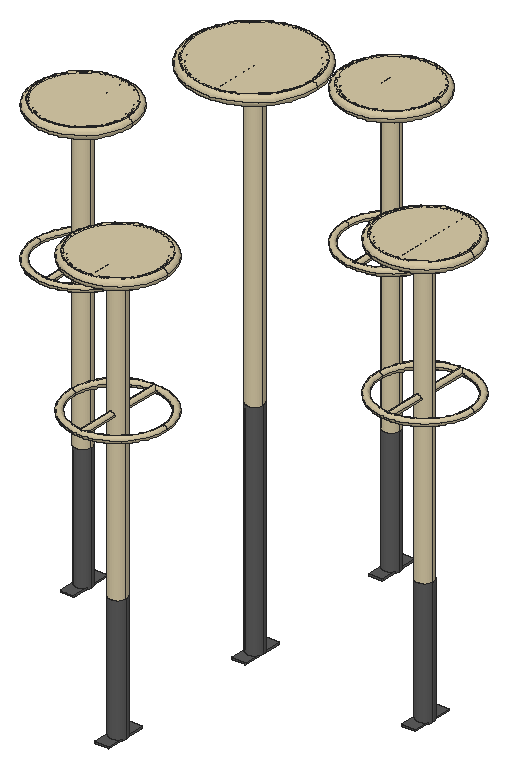
Revit family "1417-F", category Meble, Revit 2021
Family settings
  Numer OmniClass = 23.40.20.00
  Tytuł OmniClass = General Furniture and Specialties
  Oparty na płaszczyźnie roboczej = Nie
  Zawsze pionowo = Tak
  Tnij formami wycięć po wczytaniu = Nie
  Współdzielony = Nie
  Punkt obliczania pomieszczeń = Nie
Parameters (values of type "1417-F")
  metal = Mobilis Design RAL 1000
  Width = "155 cm"
  URL = ""
  Sit High = "75 cm"
  Product Line = "Phoenix"
  Product Groups = ""
  Manufacturer = ""
  Keynote = ""
  Description = ""
  Model = "1417-F"
  Material = ""
  Maintenance = ""
  Lenght = "155 cm"
  Type Comments = ""
  Mobilis Design Materials = ""
  Hosted on = ""
  Height = "110 cm"
  Domyślna rzędna = 0 mm
  Copyright = "All designs and drawings are the common intellectual property of Lars Laj A/S and Tress and are protected by Danish and international copyright laws."
Reference planes
  plane 1: z = 0
  plane 2 "Środek (Lewa/Prawa)": x = 0
  plane 3 "Góra": z = 1062.347
  plane 4 "Środek": y = 257.204
Forms (mm)
  Extrusion 1, solid, material "Mobilis Design RAL 1000" <- "metal", not visible
    sketch origin (0, 0, 0) x (0, 1, 0) y (0, 0, 1)
      loop
        arc (71.187, 451.5) -> (57.045, 445.642) -> (51.187, 431.5) r 20
        line (51.187, 431.5) -> (51.187, 18.231)
        arc (51.187, 18.231) -> (56.527, 5.34) -> (69.418, 0) r 18.231
        line (69.418, 0) -> (153.638, 0) -> (153.638, 15) -> (448.638, 15) -> (448.638, 0) -> (527.023, 0)
        arc (527.023, 0) -> (542.307, 6.331) -> (548.638, 21.615) r 21.615
        line (548.638, 21.615) -> (548.638, 429.407)
        arc (548.638, 429.407) -> (542.168, 445.029) -> (526.545, 451.5) r 22.093
        line (526.545, 451.5) -> (71.187, 451.5)
    from 750.378 to 745
  Extrusion 2, solid, material "Mobilis Design RAL 1000" <- "metal", not visible
    sketch origin (0, 0, 0) x (0, 1, 0) y (0, 0, 1)
      loop
        line (548.638, 396.844) -> (629.375, 854.725) -> (601.836, 859.581)
        arc (601.836, 859.581) -> (585.224, 855.898) -> (576.082, 841.547) r 22.232
        line (576.082, 841.547) -> (507.306, 451.5) -> (526.545, 451.5)
        arc (526.545, 451.5) -> (542.168, 445.029) -> (548.638, 429.407) r 22.093
        line (548.638, 429.407) -> (548.638, 396.844)
    from 745 to 750.378
  Extrusion 3, solid, material "Kobenhagen RAL 5012", not visible
    sketch origin (-110.268, -19.702, 0) x (0, -1, 0) y (1, 0, 0)
      loop
        circle (-275.327, -399.004) r 30.15
      loop
        circle (-275.327, -399.004) r 28.15
    from 444.1 to 0
  Extrusion 4, solid, material "Kobenhagen RAL 5012", not visible
    sketch origin (239.004, -16.847, 0) x (1, 0, 0) y (0, 1, 0)
      loop
        line (-699.004, 325.327) -> (-799.004, 325.327) -> (-799.004, 225.327) -> (-699.004, 225.327) -> (-699.004, 325.327)
    from 447.05 to 443.488
  Extrusion 5, solid, material "Painted Black", not visible
    sketch origin (189.004, -23.124, 0) x (1, 0, 0) y (0, 1, 0)
      loop
        line (-722.97, 354.396) -> (-722.97, 210.396)
        arc (-722.97, 210.396) -> (-722.091, 208.274) -> (-719.97, 207.396) r 3
        line (-719.97, 207.396) -> (-675.97, 207.396)
        arc (-675.97, 207.396) -> (-673.849, 208.274) -> (-672.97, 210.396) r 3
        line (-672.97, 210.396) -> (-672.97, 354.396)
        arc (-672.97, 354.396) -> (-673.849, 356.517) -> (-675.97, 357.396) r 3
        line (-675.97, 357.396) -> (-719.97, 357.396)
        arc (-719.97, 357.396) -> (-722.091, 356.517) -> (-722.97, 354.396) r 3
    from -800 to -795
  Extrusion 6, solid, material "Painted Black", not visible
    sketch origin (-110.268, -18.452, 0) x (1, 0, 0) y (0, 1, 0)
      loop
        circle (-399.004, 275.327) r 30.15
      loop
        circle (-399.004, 275.327) r 28.15
    from 0 to -795
Dimensions and locks
  aligned and locked: level to plane 1
Nested families
  nested 1: "1408-F" at (610, -0.39, 0), type "1408-F"
  nested 2: "product code 61408-F" at (-610, 0.819, 0), type "Sydhavn"
  nested 3: "product code 61408-F" at (3, -610, 0), type "Sydhavn"
  nested 4: "product code 61408-F" at (3, 610, 0), type "Sydhavn"
  nested 5: "1409-F" at (0, 4.634, 347.4), type "1409-F"
Definition of nested family "1408-F"
  Parameters (values of type "1408-F")
    metal = none
    Width = "35 cm"
    Weight = "15 kg"
    URL = ""
    Product Line = "Phoenix"
    Product Groups = ""
    Manufacturer = ""
    Keynote = ""
    Description = ""
    Model = "1408-F"
    Material = ""
    Maintenance = ""
    Lenght = "35 cm"
    Type Comments = ""
    Mobilis Design Materials = ""
    Hosted on = ""
    Height = "75 cm"
    Default Elevation = 0 mm
    Copyright = "All designs and drawings are the common intellectual property of Lars Laj A/S and Tress and are protected by Danish and international copyright laws."
  Reference planes
    plane 1: z = 0
    plane 2 "Środek (Lewa/Prawa)": x = 0
    plane 3 "Środek": y = 257.204
  Forms (mm)
    Extrusion 1, solid, material <- "metal", not visible
      sketch origin (0, 0, 0) x (0, 1, 0) y (0, 0, 1)
        loop
          arc (71.187, 451.5) -> (57.045, 445.642) -> (51.187, 431.5) r 20
          line (51.187, 431.5) -> (51.187, 18.231)
          arc (51.187, 18.231) -> (56.527, 5.34) -> (69.418, 0) r 18.231
          line (69.418, 0) -> (153.638, 0) -> (153.638, 15) -> (448.638, 15) -> (448.638, 0) -> (527.023, 0)
          arc (527.023, 0) -> (542.307, 6.331) -> (548.638, 21.615) r 21.615
          line (548.638, 21.615) -> (548.638, 429.407)
          arc (548.638, 429.407) -> (542.168, 445.029) -> (526.545, 451.5) r 22.093
          line (526.545, 451.5) -> (71.187, 451.5)
      from 750.378 to 745
    Extrusion 2, solid, material <- "metal", not visible
      sketch origin (0, 0, 0) x (0, 1, 0) y (0, 0, 1)
        loop
          line (548.638, 396.844) -> (629.375, 854.725) -> (601.836, 859.581)
          arc (601.836, 859.581) -> (585.224, 855.898) -> (576.082, 841.547) r 22.232
          line (576.082, 841.547) -> (507.306, 451.5) -> (526.545, 451.5)
          arc (526.545, 451.5) -> (542.168, 445.029) -> (548.638, 429.407) r 22.093
          line (548.638, 429.407) -> (548.638, 396.844)
      from 745 to 750.378
    Extrusion 3, solid, material <- "metal"
      sketch origin (396.607, -18.452, 868.765) x (0, -1, 0) y (1, 0, 0)
        loop
          circle (-275.327, -399.004) r 30.15
        loop
          circle (-275.327, -399.004) r 28.15
      from 197.485 to -868.765
    Extrusion 4, solid
      sketch origin (695.879, -21.874, 0) x (1, 0, 0) y (0, 1, 0)
        loop
          line (-722.97, 354.396) -> (-722.97, 210.396)
          arc (-722.97, 210.396) -> (-722.091, 208.274) -> (-719.97, 207.396) r 3
          line (-719.97, 207.396) -> (-675.97, 207.396)
          arc (-675.97, 207.396) -> (-673.849, 208.274) -> (-672.97, 210.396) r 3
          line (-672.97, 210.396) -> (-672.97, 354.396)
          arc (-672.97, 354.396) -> (-673.849, 356.517) -> (-675.97, 357.396) r 3
          line (-675.97, 357.396) -> (-719.97, 357.396)
          arc (-719.97, 357.396) -> (-722.091, 356.517) -> (-722.97, 354.396) r 3
      from -450 to -445
    Extrusion 5, solid
      sketch origin (396.607, -17.202, 868.765) x (1, 0, 0) y (0, 1, 0)
        loop
          circle (-399.004, 275.327) r 30.15
        loop
          circle (-399.004, 275.327) r 28.15
      from -868.765 to -1318.765
    Extrusion 6, solid, material <- "metal"
      sketch origin (581.466, 257.204, 649.062) x (-1, 0, 0) y (0, 0, 1)
        loop
          line (608.966, 447.188) -> (558.966, 447.188) -> (558.966, 417.188) -> (608.966, 417.188) -> (608.966, 447.188)
        loop
          line (606.966, 445.188) -> (560.966, 445.188) -> (560.966, 419.188) -> (606.966, 419.188) -> (606.966, 445.188)
      from -140.698 to 141.902
    Extrusion 7, solid, not visible
      sketch origin (-110.268, -19.702, 0) x (0, -1, 0) y (1, 0, 0)
        loop
          circle (-275.327, -399.004) r 30.15
        loop
          circle (-275.327, -399.004) r 28.15
      from 444.1 to 0
    Extrusion 8, solid, not visible
      sketch origin (239.004, -16.847, 0) x (1, 0, 0) y (0, 1, 0)
        loop
          line (-699.004, 325.327) -> (-799.004, 325.327) -> (-799.004, 225.327) -> (-699.004, 225.327) -> (-699.004, 325.327)
      from 447.05 to 443.488
    Extrusion 9, solid, not visible
      sketch origin (189.004, -23.124, 0) x (1, 0, 0) y (0, 1, 0)
        loop
          line (-722.97, 354.396) -> (-722.97, 210.396)
          arc (-722.97, 210.396) -> (-722.091, 208.274) -> (-719.97, 207.396) r 3
          line (-719.97, 207.396) -> (-675.97, 207.396)
          arc (-675.97, 207.396) -> (-673.849, 208.274) -> (-672.97, 210.396) r 3
          line (-672.97, 210.396) -> (-672.97, 354.396)
          arc (-672.97, 354.396) -> (-673.849, 356.517) -> (-675.97, 357.396) r 3
          line (-675.97, 357.396) -> (-719.97, 357.396)
          arc (-719.97, 357.396) -> (-722.091, 356.517) -> (-722.97, 354.396) r 3
      from -800 to -795
    Extrusion 10, solid, not visible
      sketch origin (-110.268, -18.452, 0) x (1, 0, 0) y (0, 1, 0)
        loop
          circle (-399.004, 275.327) r 30.15
        loop
          circle (-399.004, 275.327) r 28.15
      from 0 to -795
    Extrusion 11, solid, material <- "metal"
      sketch origin (-5.756, 841.663, 649.062) x (0, -1, 0) y (0, 0, 1)
        loop
          line (608.966, 447.188) -> (558.966, 447.188) -> (558.966, 417.188) -> (608.966, 417.188) -> (608.966, 447.188)
        loop
          line (606.966, 445.188) -> (560.966, 445.188) -> (560.966, 419.188) -> (606.966, 419.188) -> (606.966, 445.188)
      from 21.334 to 138.155
    Extrusion 12, solid, material <- "metal"
      sketch origin (5.756, 839.788, 649.062) x (0, -1, 0) y (0, 0, -1)
        loop
          line (608.966, -447.188) -> (608.966, -417.188) -> (558.966, -417.188) -> (558.966, -447.188) -> (608.966, -447.188)
        loop
          line (606.966, -445.188) -> (606.966, -419.188) -> (560.966, -419.188) -> (560.966, -445.188) -> (606.966, -445.188)
      from 14.744 to 132.933
    Extrusion 13, solid, material <- "metal"
      sketch origin (0, 0, 450) x (1, 0, 0) y (0, 1, 0)
        loop
          circle (-2.611, 257.806) r 158.15
      from 647 to 650
    Sweep 14, solid, material <- "metal"
      path origin (0, 0, 0) x (1, 0, 0) y (0, 1, 0)
        loop
          circle (-2.611, 257.806) r 158.15
      profile origin (-2.611, 99.656, 0) x (0, 1, 0) y (0, 0, 1)
        loop
          circle (0, 1083.096) r 16.868
        loop
          circle (0.117, 1083.18) r 15.694
    Sweep 15, solid, material <- "metal"
      path origin (0, 0, -500) x (1, 0, 0) y (0, 1, 0)
        loop
          circle (-2.611, 257.806) r 158.15
      profile origin (-2.611, 99.656, -500) x (0, 1, 0) y (0, 0, 1)
        loop
          circle (-6.147, 1089.35) r 10.703
        loop
          circle (-6.069, 1089.35) r 10
    Extrusion 16, solid, material <- "metal"
      sketch origin (0, 0, 0) x (1, 0, 0) y (0, 0, 1)
        loop
          circle (-2.611, 589.35) r 10.65
        loop
          circle (-2.611, 589.35) r 10
      from -234.932 to -93.48
    Extrusion 17, solid, material <- "metal"
      sketch origin (0, 514.407, 0) x (1, 0, 0) y (0, 0, -1)
        loop
          circle (-2.611, -589.35) r 10.65
        loop
          circle (-2.611, -589.35) r 10
      from -234.932 to -93.48
  Dimensions and locks
    aligned and locked: level to plane 1
Definition of nested family "product code 61408-F"
  Parameters (values of type "Sydhavn")
    metal = none
    Width = "35 cm"
    Weight = "15 kg"
    URL = "https://kobenhagen.com/en_US/p/Sydhavn-Bar-Stool/239"
    Product Line = "Sydhavn"
    Product Groups = "Stools"
    Manufacturer = "Lars Laj"
    Keynote = ""
    Description = "Sydhavn Bar Stool"
    Model = "61408-F"
    Material = "Powder coated steel"
    Maintenance = "We recommend to examine and tighten all screws and bolt clamps after a few weeks’ use. In order to prevent cracks and to extend the life of the wood, it is recommended that the wood details should be oiled every 3-5 years."
    Lenght = "35 cm"
    Type Comments = ""
    Kobenhagen Materials = "larslaj.com/bim"
    Hosted on larslaj.com = "https://larslaj.com/bim"
    Height = "75 cm"
    Default Elevation = 0 mm
    Copyright = "All designs and drawings are the intellectual property of Lars Laj A/S and are protected by Danish and international copyright laws."
  Reference planes
    plane 1: z = 0
    plane 2 "Środek (Lewa/Prawa)": x = 0
    plane 3 "Góra": z = 1062.347
    plane 4 "Środek": y = 257.204
  Forms (mm)
    Extrusion 1, solid, material <- "metal", not visible
      sketch origin (0, 0, 0) x (0, 1, 0) y (0, 0, 1)
        loop
          arc (71.187, 451.5) -> (57.045, 445.642) -> (51.187, 431.5) r 20
          line (51.187, 431.5) -> (51.187, 18.231)
          arc (51.187, 18.231) -> (56.527, 5.34) -> (69.418, 0) r 18.231
          line (69.418, 0) -> (153.638, 0) -> (153.638, 15) -> (448.638, 15) -> (448.638, 0) -> (527.023, 0)
          arc (527.023, 0) -> (542.307, 6.331) -> (548.638, 21.615) r 21.615
          line (548.638, 21.615) -> (548.638, 429.407)
          arc (548.638, 429.407) -> (542.168, 445.029) -> (526.545, 451.5) r 22.093
          line (526.545, 451.5) -> (71.187, 451.5)
      from 750.378 to 745
    Extrusion 2, solid, material <- "metal", not visible
      sketch origin (0, 0, 0) x (0, 1, 0) y (0, 0, 1)
        loop
          line (548.638, 396.844) -> (629.375, 854.725) -> (601.836, 859.581)
          arc (601.836, 859.581) -> (585.224, 855.898) -> (576.082, 841.547) r 22.232
          line (576.082, 841.547) -> (507.306, 451.5) -> (526.545, 451.5)
          arc (526.545, 451.5) -> (542.168, 445.029) -> (548.638, 429.407) r 22.093
          line (548.638, 429.407) -> (548.638, 396.844)
      from 745 to 750.378
    Extrusion 3, solid, material <- "metal"
      sketch origin (396.607, -18.452, 868.765) x (0, -1, 0) y (1, 0, 0)
        loop
          circle (-275.327, -399.004) r 30.15
        loop
          circle (-275.327, -399.004) r 28.15
      from 197.485 to -868.765
    Extrusion 4, solid
      sketch origin (695.879, -21.874, 0) x (1, 0, 0) y (0, 1, 0)
        loop
          line (-722.97, 354.396) -> (-722.97, 210.396)
          arc (-722.97, 210.396) -> (-722.091, 208.274) -> (-719.97, 207.396) r 3
          line (-719.97, 207.396) -> (-675.97, 207.396)
          arc (-675.97, 207.396) -> (-673.849, 208.274) -> (-672.97, 210.396) r 3
          line (-672.97, 210.396) -> (-672.97, 354.396)
          arc (-672.97, 354.396) -> (-673.849, 356.517) -> (-675.97, 357.396) r 3
          line (-675.97, 357.396) -> (-719.97, 357.396)
          arc (-719.97, 357.396) -> (-722.091, 356.517) -> (-722.97, 354.396) r 3
      from -450 to -445
    Extrusion 5, solid
      sketch origin (396.607, -17.202, 868.765) x (1, 0, 0) y (0, 1, 0)
        loop
          circle (-399.004, 275.327) r 30.15
        loop
          circle (-399.004, 275.327) r 28.15
      from -868.765 to -1318.765
    Extrusion 6, solid, material <- "metal"
      sketch origin (581.466, 257.204, 649.062) x (-1, 0, 0) y (0, 0, 1)
        loop
          line (608.966, 447.188) -> (558.966, 447.188) -> (558.966, 417.188) -> (608.966, 417.188) -> (608.966, 447.188)
        loop
          line (606.966, 445.188) -> (560.966, 445.188) -> (560.966, 419.188) -> (606.966, 419.188) -> (606.966, 445.188)
      from -140.698 to 141.902
    Extrusion 7, solid, not visible
      sketch origin (-110.268, -19.702, 0) x (0, -1, 0) y (1, 0, 0)
        loop
          circle (-275.327, -399.004) r 30.15
        loop
          circle (-275.327, -399.004) r 28.15
      from 444.1 to 0
    Extrusion 8, solid, not visible
      sketch origin (239.004, -16.847, 0) x (1, 0, 0) y (0, 1, 0)
        loop
          line (-699.004, 325.327) -> (-799.004, 325.327) -> (-799.004, 225.327) -> (-699.004, 225.327) -> (-699.004, 325.327)
      from 447.05 to 443.488
    Extrusion 9, solid, not visible
      sketch origin (189.004, -23.124, 0) x (1, 0, 0) y (0, 1, 0)
        loop
          line (-722.97, 354.396) -> (-722.97, 210.396)
          arc (-722.97, 210.396) -> (-722.091, 208.274) -> (-719.97, 207.396) r 3
          line (-719.97, 207.396) -> (-675.97, 207.396)
          arc (-675.97, 207.396) -> (-673.849, 208.274) -> (-672.97, 210.396) r 3
          line (-672.97, 210.396) -> (-672.97, 354.396)
          arc (-672.97, 354.396) -> (-673.849, 356.517) -> (-675.97, 357.396) r 3
          line (-675.97, 357.396) -> (-719.97, 357.396)
          arc (-719.97, 357.396) -> (-722.091, 356.517) -> (-722.97, 354.396) r 3
      from -800 to -795
    Extrusion 10, solid, not visible
      sketch origin (-110.268, -18.452, 0) x (1, 0, 0) y (0, 1, 0)
        loop
          circle (-399.004, 275.327) r 30.15
        loop
          circle (-399.004, 275.327) r 28.15
      from 0 to -795
    Extrusion 11, solid, material <- "metal"
      sketch origin (-5.756, 841.663, 649.062) x (0, -1, 0) y (0, 0, 1)
        loop
          line (608.966, 447.188) -> (558.966, 447.188) -> (558.966, 417.188) -> (608.966, 417.188) -> (608.966, 447.188)
        loop
          line (606.966, 445.188) -> (560.966, 445.188) -> (560.966, 419.188) -> (606.966, 419.188) -> (606.966, 445.188)
      from 21.334 to 138.155
    Extrusion 12, solid, material <- "metal"
      sketch origin (5.756, 839.788, 649.062) x (0, -1, 0) y (0, 0, -1)
        loop
          line (608.966, -447.188) -> (608.966, -417.188) -> (558.966, -417.188) -> (558.966, -447.188) -> (608.966, -447.188)
        loop
          line (606.966, -445.188) -> (606.966, -419.188) -> (560.966, -419.188) -> (560.966, -445.188) -> (606.966, -445.188)
      from 14.744 to 132.933
    Extrusion 13, solid, material <- "metal"
      sketch origin (0, 0, 450) x (1, 0, 0) y (0, 1, 0)
        loop
          circle (-2.611, 257.806) r 158.15
      from 647 to 650
    Sweep 14, solid, material <- "metal"
      path origin (0, 0, 0) x (1, 0, 0) y (0, 1, 0)
        loop
          circle (-2.611, 257.806) r 158.15
      profile origin (-2.611, 99.656, 0) x (0, 1, 0) y (0, 0, 1)
        loop
          circle (0, 1083.096) r 16.868
        loop
          circle (0.117, 1083.18) r 15.694
    Sweep 15, solid, material <- "metal"
      path origin (0, 0, -500) x (1, 0, 0) y (0, 1, 0)
        loop
          circle (-2.611, 257.806) r 158.15
      profile origin (-2.611, 99.656, -500) x (0, 1, 0) y (0, 0, 1)
        loop
          circle (-6.147, 1089.35) r 10.703
        loop
          circle (-6.069, 1089.35) r 10
    Extrusion 16, solid, material <- "metal"
      sketch origin (0, 0, 0) x (1, 0, 0) y (0, 0, 1)
        loop
          circle (-2.611, 589.35) r 10.65
        loop
          circle (-2.611, 589.35) r 10
      from -234.932 to -93.48
    Extrusion 17, solid, material <- "metal"
      sketch origin (0, 514.407, 0) x (1, 0, 0) y (0, 0, -1)
        loop
          circle (-2.611, -589.35) r 10.65
        loop
          circle (-2.611, -589.35) r 10
      from -234.932 to -93.48
  Dimensions and locks
    aligned and locked: level to plane 1
Definition of nested family "1409-F"
  Parameters (values of type "1409-F")
    metal = none
    Width = "45 cm"
    Weight = "15 kg"
    URL = ""
    Product Line = "Phoenix"
    Product Groups = ""
    Manufacturer = ""
    Keynote = ""
    Description = ""
    Model = "1409-F"
    Material = ""
    Maintenance = ""
    Lenght = "45 cm"
    Type Comments = ""
    Mobilis Design Materials = ""
    Hosted on = ""
    Height = "110 cm"
    Default Elevation = 0 mm
    Copyright = "All designs and drawings are the common intellectual property of Lars Laj A/S and Tress and are protected by Danish and international copyright laws."
  Reference planes
    plane 1: z = 0
    plane 2 "Środek (Lewa/Prawa)": x = 0
    plane 3 "Środek": y = 257.204
  Forms (mm)
    Extrusion 1, solid, material <- "metal", not visible
      sketch origin (0, 0, 0) x (0, 1, 0) y (0, 0, 1)
        loop
          arc (71.187, 451.5) -> (57.045, 445.642) -> (51.187, 431.5) r 20
          line (51.187, 431.5) -> (51.187, 18.231)
          arc (51.187, 18.231) -> (56.527, 5.34) -> (69.418, 0) r 18.231
          line (69.418, 0) -> (153.638, 0) -> (153.638, 15) -> (448.638, 15) -> (448.638, 0) -> (527.023, 0)
          arc (527.023, 0) -> (542.307, 6.331) -> (548.638, 21.615) r 21.615
          line (548.638, 21.615) -> (548.638, 429.407)
          arc (548.638, 429.407) -> (542.168, 445.029) -> (526.545, 451.5) r 22.093
          line (526.545, 451.5) -> (71.187, 451.5)
      from 750.378 to 745
    Extrusion 2, solid, material <- "metal", not visible
      sketch origin (0, 0, 0) x (0, 1, 0) y (0, 0, 1)
        loop
          line (548.638, 396.844) -> (629.375, 854.725) -> (601.836, 859.581)
          arc (601.836, 859.581) -> (585.224, 855.898) -> (576.082, 841.547) r 22.232
          line (576.082, 841.547) -> (507.306, 451.5) -> (526.545, 451.5)
          arc (526.545, 451.5) -> (542.168, 445.029) -> (548.638, 429.407) r 22.093
          line (548.638, 429.407) -> (548.638, 396.844)
      from 745 to 750.378
    Extrusion 3, solid, material <- "metal"
      sketch origin (396.607, -18.452, 868.765) x (0, -1, 0) y (1, 0, 0)
        loop
          circle (-275.327, -399.004) r 30.15
        loop
          circle (-275.327, -399.004) r 28.15
      from 197.485 to -868.765
    Extrusion 4, solid
      sketch origin (695.879, -21.874, 0) x (1, 0, 0) y (0, 1, 0)
        loop
          line (-722.97, 354.396) -> (-722.97, 210.396)
          arc (-722.97, 210.396) -> (-722.091, 208.274) -> (-719.97, 207.396) r 3
          line (-719.97, 207.396) -> (-675.97, 207.396)
          arc (-675.97, 207.396) -> (-673.849, 208.274) -> (-672.97, 210.396) r 3
          line (-672.97, 210.396) -> (-672.97, 354.396)
          arc (-672.97, 354.396) -> (-673.849, 356.517) -> (-675.97, 357.396) r 3
          line (-675.97, 357.396) -> (-719.97, 357.396)
          arc (-719.97, 357.396) -> (-722.091, 356.517) -> (-722.97, 354.396) r 3
      from -800 to -795
    Extrusion 5, solid
      sketch origin (396.607, -17.202, 868.765) x (1, 0, 0) y (0, 1, 0)
        loop
          circle (-399.004, 275.327) r 30.15
        loop
          circle (-399.004, 275.327) r 28.15
      from -868.765 to -1663.765
    Extrusion 6, solid, material <- "metal"
      sketch origin (581.466, 257.204, 649.062) x (-1, 0, 0) y (0, 0, 1)
        loop
          line (608.966, 447.188) -> (558.966, 447.188) -> (558.966, 417.188) -> (608.966, 417.188) -> (608.966, 447.188)
        loop
          line (606.966, 445.188) -> (560.966, 445.188) -> (560.966, 419.188) -> (606.966, 419.188) -> (606.966, 445.188)
      from -194.556 to 188.044
    Extrusion 7, solid, not visible
      sketch origin (-110.268, -19.702, 0) x (0, -1, 0) y (1, 0, 0)
        loop
          circle (-275.327, -399.004) r 30.15
        loop
          circle (-275.327, -399.004) r 28.15
      from 444.1 to 0
    Extrusion 8, solid, not visible
      sketch origin (239.004, -16.847, 0) x (1, 0, 0) y (0, 1, 0)
        loop
          line (-699.004, 325.327) -> (-799.004, 325.327) -> (-799.004, 225.327) -> (-699.004, 225.327) -> (-699.004, 325.327)
      from 447.05 to 443.488
    Extrusion 9, solid, not visible
      sketch origin (189.004, -23.124, 0) x (1, 0, 0) y (0, 1, 0)
        loop
          line (-722.97, 354.396) -> (-722.97, 210.396)
          arc (-722.97, 210.396) -> (-722.091, 208.274) -> (-719.97, 207.396) r 3
          line (-719.97, 207.396) -> (-675.97, 207.396)
          arc (-675.97, 207.396) -> (-673.849, 208.274) -> (-672.97, 210.396) r 3
          line (-672.97, 210.396) -> (-672.97, 354.396)
          arc (-672.97, 354.396) -> (-673.849, 356.517) -> (-675.97, 357.396) r 3
          line (-675.97, 357.396) -> (-719.97, 357.396)
          arc (-719.97, 357.396) -> (-722.091, 356.517) -> (-722.97, 354.396) r 3
      from -800 to -795
    Extrusion 10, solid, not visible
      sketch origin (-110.268, -18.452, 0) x (1, 0, 0) y (0, 1, 0)
        loop
          circle (-399.004, 275.327) r 30.15
        loop
          circle (-399.004, 275.327) r 28.15
      from 0 to -795
    Extrusion 11, solid, material <- "metal"
      sketch origin (-5.756, 837.913, 649.062) x (0, -1, 0) y (0, 0, 1)
        loop
          line (608.966, 447.188) -> (558.966, 447.188) -> (558.966, 417.188) -> (608.966, 417.188) -> (608.966, 447.188)
        loop
          line (606.966, 445.188) -> (560.966, 445.188) -> (560.966, 419.188) -> (606.966, 419.188) -> (606.966, 445.188)
      from 21.334 to 188.044
    Extrusion 12, solid, material <- "metal"
      sketch origin (5.756, 837.913, 649.062) x (0, -1, 0) y (0, 0, -1)
        loop
          line (608.966, -447.188) -> (608.966, -417.188) -> (558.966, -417.188) -> (558.966, -447.188) -> (608.966, -447.188)
        loop
          line (606.966, -445.188) -> (606.966, -419.188) -> (560.966, -419.188) -> (560.966, -445.188) -> (606.966, -445.188)
      from 14.744 to 183.098
    Extrusion 13, solid, material <- "metal"
      sketch origin (0, 0, 450) x (1, 0, 0) y (0, 1, 0)
        loop
          circle (-3.097, 254.602) r 208.823
      from 647 to 650
    Sweep 14, solid, material <- "metal"
      path origin (0, 0, 0) x (1, 0, 0) y (0, 1, 0)
        loop
          circle (-3.097, 254.602) r 208.823
      profile origin (-3.097, 45.779, 0) x (0, 1, 0) y (0, 0, 1)
        loop
          circle (0, 1083.096) r 16.868
        loop
          circle (0.117, 1083.18) r 15.694
  Dimensions and locks
    aligned and locked: level to plane 1
